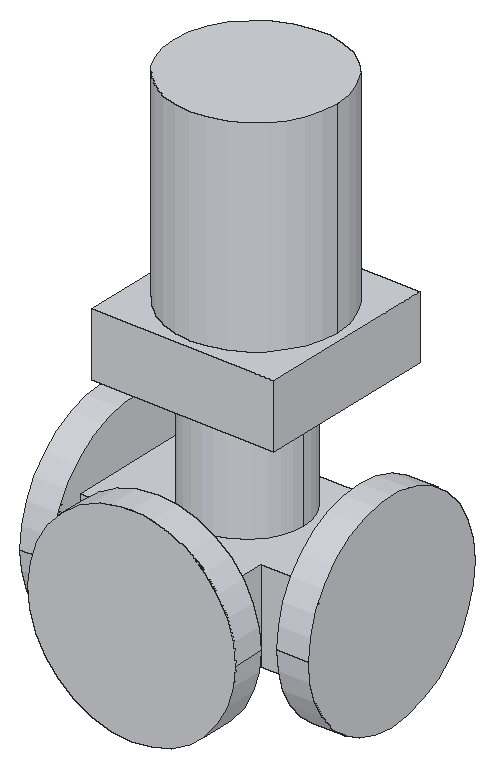
Revit family "1db26afc93204dc0adf173300e604f4b", category Pipe Accessories, Revit 2021
Family settings
  Round Connector Dimension = Use Radius
  Part Type = Valve - Breaks Into
  OmniClass Number = 23.65.55.14.17
  OmniClass Title = Adjusting/Controlling Valves for Liquid Services
  Seek Item ID = Motor Control Valve - 3 Way - 2-16 Inch-0000-USA-ENU
  Work Plane-Based = No
  Always vertical = Yes
  Cut with Voids When Loaded = No
  Shared = No
Parameters (values of type "2"")
  Width 2 = 0' - 4 17/32"
  Width 1 = 0' - 2 17/32"
  Valve Material = none
  Thickness 2 = 0' - 2"
  Thickness 1 = 0' - 2 7/8"
  Radius 2 = Diameter 2 * 0.5  # 0' - 1 49/64"
  Radius 1 = Diameter 1 * 0.5  # 0' - 2.57344"
  Plate Width = 0' - 5 23/32"
  Outside Width = 0' - 4 11/32"
  Nominal Radius = 1"
  Nominal Diameter = 2 * Nominal Radius  # 2"
  K Coefficient = 2.71
  Height 2 = 1' - 1 15/32"
  Height 1 = 0' - 5 1/32"
  Flange Radius = Flange Diameter * 0.5  # 0' - 3 33/128"
  Flange Diameter = 1.5 * Outside Width  # 0' - 6 33/64"
  Diameter 2 = Width 2 - 0' 1"  # 0' - 3 17/32"
  Diameter 1 = 0.9 * Plate Width  # 0' - 5.14687"
  Default Elevation = 0' - 0"
Types (10): name | Width 2 | Width 1 | Thickness 2 | Thickness 1 | Radius 2 | Radius 1 | Plate Width | Outside Width | Nominal Radius | Nominal Diameter | K Coefficient | Height 2 | Height 1 | Flange Radius | Flange Diameter | Diameter 2 | Diameter 1
  (no name) | 0' - 4 17/32" | 0' - 2 17/32" | 0' - 2" | 0' - 2 7/8" | 0' - 1 49/64" | 0' - 2.57344" | 0' - 5 23/32" | 0' - 4 11/32" | 1" | 2" | 2.71 | 1' - 1 15/32" | 0' - 5 1/32" | 0' - 3 33/128" | 0' - 6 33/64" | 0' - 3 17/32" | 0' - 5.14687"
  2" | 0' - 4 17/32" | 0' - 2 17/32" | 0' - 2" | 0' - 2 7/8" | 0' - 1 49/64" | 0' - 2.57344" | 0' - 5 23/32" | 0' - 4 11/32" | 1" | 2" | 2.71 | 1' - 1 15/32" | 0' - 5 1/32" | 0' - 3 33/128" | 0' - 6 33/64" | 0' - 3 17/32" | 0' - 5.14687"
  3" | 0' - 5 1/2" | 0' - 3 1/16" | 0' - 2 3/16" | 0' - 3 11/32" | 0' - 2 1/4" | 0' - 3.12188" | 0' - 6 15/16" | 0' - 5" | 1 1/2" | 3" | 2.71 | 1' - 2 3/8" | 0' - 5 7/16" | 0' - 3 3/4" | 0' - 7 1/2" | 0' - 4 1/2" | 0' - 6.24375"
  4" | 0' - 5 29/32" | 0' - 3 5/16" | 0' - 2 3/4" | 0' - 4" | 0' - 2 29/64" | 0' - 3.34688" | 0' - 7 7/16" | 0' - 6" | 2" | 4" | 2.71 | 1' - 6 11/32" | 0' - 6 27/32" | 0' - 4 1/2" | 0' - 9" | 0' - 4 29/32" | 0' - 6.69375"
  6" | 0' - 7 9/32" | 0' - 4 3/32" | 0' - 3 15/32" | 0' - 4 7/8" | 0' - 3 9/64" | 0' - 4.13438" | 0' - 9 3/16" | 0' - 7 11/32" | 3" | 6" | 2.77 | 1' - 11 7/16" | 0' - 8 11/16" | 0' - 5 65/128" | 0' - 11 1/64" | 0' - 6 9/32" | 0' - 8.26875"
  8" | 0' - 8 7/8" | 0' - 5 3/32" | 0' - 3 13/16" | 0' - 6" | 0' - 3 15/16" | 0' - 5.02031" | 0' - 11 5/32" | 0' - 9" | 4" | 8" | 2.76 | 2' - 1 1/8" | 0' - 9 9/16" | 0' - 6 3/4" | 1' - 1 1/2" | 0' - 7 7/8" | 0' - 10.04063"
  10" | 0' - 10 1/4" | 0' - 6" | 0' - 4 3/16" | 0' - 7 1/8" | 0' - 4 5/8" | 0' - 5.80781" | 1' - 0 29/32" | 0' - 10 21/32" | 5" | 10" | 2.75 | 2' - 2 27/32" | 0' - 10 7/16" | 0' - 7 127/128" | 1' - 3 63/64" | 0' - 9 1/4" | 0' - 11.61562"
  12" | 0' - 11 13/16" | 0' - 7 11/32" | 0' - 5 3/32" | 0' - 8 7/16" | 0' - 5 13/32" | 0' - 6.69375" | 1' - 2 7/8" | 1' - 0 21/32" | 6" | 12" | 2.75 | 2' - 8 13/16" | 1' - 0 11/16" | 0' - 9 63/128" | 1' - 6 63/64" | 0' - 10 13/16" | 1' - 1.3875"
  14" | 1' - 1 3/8" | 0' - 8" | 0' - 5 7/16" | 0' - 9 11/32" | 0' - 6 3/16" | 0' - 7 19/32" | 1' - 4 7/8" | 1' - 2" | 7" | 14" | 2.79 | 2' - 10 25/32" | 1' - 1 19/32" | 0' - 10 1/2" | 1' - 9" | 1' - 0 3/8" | 1' - 3 3/16"
  16" | 1' - 3 5/32" | 0' - 9 1/32" | 0' - 5 13/16" | 0' - 10 7/16" | 0' - 7 5/64" | 0' - 8.59219" | 1' - 7 3/32" | 1' - 2 21/32" | 8" | 16" | 4.76 | 3' - 0 11/16" | 1' - 2 17/32" | 0' - 10 127/128" | 1' - 9 63/64" | 1' - 2 5/32" | 1' - 5.18438"
Reference planes (in)
  plane 1 "Center (Front/Back)": y = 0
  plane 2: z = 0
  plane 3 "Center (Left/Right)": x = 0
  plane 4: x = -2.17187
  plane 5: x = 2.17188
  plane 6: x = -2.85937
  plane 7: x = 2.85938
  plane 8: x = -4.53125
  plane 9: x = 4.53125
  plane 10: x = -3.53125
  plane 11: x = 3.53125
  plane 12: y = -2.53125
  plane 13: y = 3.1875
  plane 14: y = -4.53125
  plane 15: y = -3.53125
  plane 16: z = 1.4375
  plane 17: z = -1.4375
  plane 18: z = 5.03125
  plane 19: z = 7.03125
  plane 20: z = 13.46875
  plane 21: y = -2.17188
  plane 22: y = 2.17187
  plane 23: y = 0.32812
  plane 24: through (0, 0, 48) normal (-0.866, -0.5, 0)
  plane 25: through (0, 0, 48) normal (-0.866, 0.5, 0)
Forms (in)
  Extrusion 1, solid, material <- "Valve Material", detail levels fine
    sketch origin (0, 0, 0) x (1, 0, 0) y (0, 1, 0)
      loop
        line (-3.53125, 2.17187) -> (-3.53125, -2.17188) -> (-2.17187, -2.17188) -> (-2.17187, -3.53125) -> (2.17188, -3.53125) -> (2.17188, -2.17188) -> (3.53125, -2.17188) -> (3.53125, 2.17187) -> (-3.53125, 2.17187)
    from -1.4375 to 1.4375
  Extrusion 2, solid, material <- "Valve Material", detail levels fine
    sketch origin (0, 0, 0) x (1, 0, 0) y (0, 1, 0)
      loop
        line (-2.85937, 3.1875) -> (-2.85937, -2.53125) -> (2.85938, -2.53125) -> (2.85938, 3.1875) -> (-2.85937, 3.1875)
    from 5.03125 to 7.03125
  Extrusion 3, solid, material <- "Valve Material", detail levels fine
    sketch origin (-8.42856, -180, 1.4375) x (-1, 0, 0) y (0, -1, 0)
      loop
        circle (-8.42856, -180) r 1.76562
    from 0 to 3.59375
  Extrusion 4, solid, material <- "Valve Material", detail levels fine
    sketch origin (-8.42856, -180, 7.03125) x (-1, 0, 0) y (0, -1, 0)
      loop
        circle (-8.42856, -180.32812) r 2.57344
    from 0 to 6.4375
  Extrusion 5, solid, material <- "Valve Material", detail levels fine
    sketch origin (-7.08083, -3.53125, 48) x (-1, 0, 0) y (0, 0, 1)
      loop
        circle (-7.08083, -48) r 3.25781
    from -1 to 0
  Extrusion 6, solid, material <- "Valve Material", detail levels fine
    sketch origin (-4.53125, -5.95032, 48) x (0, -1, 0) y (0, 0, 1)
      loop
        circle (-5.95032, -48) r 3.25781
    from -1 to 0
  Extrusion 7, solid, material <- "Valve Material", detail levels fine
    sketch origin (4.53125, -5.95032, 48) x (0, -1, 0) y (0, 0, -1)
      loop
        circle (-5.95032, 48) r 3.25781
    from -1 to 0
Cuts and joins
  joined: Extrusion 1, Extrusion 2, Extrusion 3, Extrusion 4, Extrusion 5, Extrusion 6, Extrusion 7
Lines and regions (in)
  model lines, detail levels coarse+medium
    curve 1: line (0, 0, 0) -> (-2.61612, -4.53125, 0)
    curve 2: line (0, 0, 0) -> (2.61612, -4.53125, 0)
    curve 3: line (-2.61612, -4.53125, 0) -> (2.61612, -4.53125, 0)
    curve 4: line (-2.61612, 4.53125, 0) -> (2.61612, 4.53125, 0)
    curve 5: arc (-2.61612, 4.53125, 0) -> (0, 5.84918, 0) -> (2.61612, 4.53125, 0) r 3.25548
    curve 6: line (0, 0, 0) -> (-4.53125, -2.61612, 0)
    curve 7: line (0, 0, 0) -> (-4.53125, 2.61612, 0)
    curve 8: line (-4.53125, 2.61612, 0) -> (-4.53125, -2.61612, 0)
    curve 9: line (0, 0, 0) -> (4.53125, -2.61612, 0)
    curve 10: line (0, 0, 0) -> (4.53125, 2.61612, 0)
    curve 11: line (4.53125, 2.61612, 0) -> (4.53125, -2.61612, 0)
    curve 12: line (0, 4.53125, 0) -> (0, 0, 0)
Dimensions and locks (in)
  equal spacing: plane 4, plane 3 "Center (Left/Right)", plane 5
  "Outside Width": plane 4 to plane 5
  equal spacing: plane 6, plane 3 "Center (Left/Right)", plane 7
  "Plate Width": plane 6 to plane 7
  "Width 2": plane 8 to plane 3 "Center (Left/Right)"
  "Width 2": plane 3 "Center (Left/Right)" to plane 9
  locked: plane 8 to plane 10 at 1
  locked: plane 11 to plane 9 at 1
  "Width 1": plane 1 "Center (Front/Back)" to plane 12
  "Plate Width": plane 13 to plane 12
  "Width 2": plane 14 to plane 1 "Center (Front/Back)"
  locked: plane 15 to plane 14 at 1
  equal spacing: plane 16, plane 2, plane 17
  "Thickness 1": plane 16 to plane 17
  "Height 1": plane 18 to plane 2
  "Thickness 2": plane 19 to plane 18
  "Height 2": plane 20 to plane 2
  equal spacing: plane 22, plane 1 "Center (Front/Back)", plane 21
  "Outside Width": plane 21 to plane 22
  equal spacing: plane 13, plane 23, plane 12
  "Radius 2": radius of Extrusion 3 sketch curve
  "Radius 1": radius of Extrusion 4 sketch curve
  "Flange Radius": radius of Extrusion 5 sketch curve
  "Flange Radius": radius of Extrusion 6 sketch curve
  "Flange Radius": radius of Extrusion 7 sketch curve
  locked: curve 1 to plane 3 "Center (Left/Right)" (angle 30.00°)
  locked: plane 3 "Center (Left/Right)" to curve 2 (angle 30.00°)
  locked: plane 3 "Center (Left/Right)" to plane 24 (angle 30.00°)
  locked: plane 25 to plane 3 "Center (Left/Right)" (angle 30.00°)
  locked: plane 1 "Center (Front/Back)" to curve 6 (angle 30.00°)
  locked: curve 7 to plane 1 "Center (Front/Back)" (angle 30.00°)
  locked: curve 9 to plane 1 "Center (Front/Back)" (angle 30.00°)
  locked: plane 1 "Center (Front/Back)" to curve 10 (angle 30.00°)
  aligned and locked: plane 22 to Extrusion 1 sketch curve
  aligned and locked: Extrusion 1 sketch curve to plane 11
  aligned and locked: Extrusion 1 sketch curve to plane 10
  aligned and locked: plane 21 to Extrusion 1 sketch curve  (x2)
  aligned and locked: Extrusion 1 sketch curve to plane 5
  aligned and locked: Extrusion 1 sketch curve to plane 4
  aligned and locked: plane 15 to Extrusion 1 sketch curve
  aligned and locked: plane 17 to Extrusion 1
  aligned and locked: plane 16 to Extrusion 1
  aligned and locked: plane 6 to Extrusion 2 sketch curve
  aligned and locked: Extrusion 2 sketch curve to plane 13
  aligned and locked: plane 12 to Extrusion 2 sketch curve
  aligned and locked: Extrusion 2 sketch curve to plane 7
  aligned and locked: Extrusion 2 to plane 18
  aligned and locked: plane 19 to Extrusion 2
  aligned and locked: plane 1 "Center (Front/Back)" to Extrusion 3 sketch curve
  aligned and locked: plane 3 "Center (Left/Right)" to Extrusion 3 sketch curve
  aligned and locked: plane 18 to Extrusion 3
  aligned and locked: plane 23 to Extrusion 4 sketch curve
  aligned and locked: plane 3 "Center (Left/Right)" to Extrusion 4 sketch curve
  aligned and locked: plane 20 to Extrusion 4
  aligned and locked: plane 2 to Extrusion 5 sketch curve
  aligned and locked: plane 3 "Center (Left/Right)" to Extrusion 5 sketch curve
  aligned and locked: plane 15 to Extrusion 5
  aligned and locked: Extrusion 5 to plane 14
  aligned and locked: plane 2 to Extrusion 6 sketch curve
  aligned and locked: plane 1 "Center (Front/Back)" to Extrusion 6 sketch curve
  aligned and locked: Extrusion 6 to plane 10
  aligned and locked: plane 8 to Extrusion 6
  aligned and locked: plane 1 "Center (Front/Back)" to Extrusion 7 sketch curve
  aligned and locked: plane 2 to Extrusion 7 sketch curve
  aligned and locked: Extrusion 7 to plane 11
  aligned and locked: plane 9 to Extrusion 7
  aligned and locked: curve 3 to plane 14
  aligned and locked: plane 8 to curve 6
  aligned and locked: plane 8 to curve 8
  aligned and locked: curve 11 to plane 9
  aligned and locked: curve 12 to plane 3 "Center (Left/Right)"
Automatic sketch dimensions
  curve 3 to plane 25 = 0' - 0"
  curve 5 to plane 24 = 0' - 0"
  curve 5 to plane 3 "Center (Left/Right)" = 0' - 0"
  curve 5 to plane 6 = 0' - 0.24326"
  curve 5 to plane 22 = 0' - 0.42182"
Connectors (in)
  piping at (-4.53125, 0, 0), diameter 2, driven by "Nominal Radius"
    settings: on Extrusion 6, index 1, connector inside diameter 2", connector length 0' - 0", flow factor 0, pipe flow 0 GPM, pressure drop 0.00 psi, fitting loss kfactor 0, connector angle 0.00°, fixture units 0, engagement length 0' - 0", angle of deflection 0.00°, flow configuration 0, flow direction 0, fitting loss method 2, system type 29, joint type 0, gender type 0, connector reference index 2, connector utility 0, adjustable connector no, is connector primary yes, connector description ""
  piping at (4.53125, 0, 0), diameter 2, driven by "Nominal Radius"
    settings: on Extrusion 7, index 2, connector inside diameter 2", connector length 0' - 0", flow factor 0, pipe flow 0 GPM, pressure drop 0.00 psi, fitting loss kfactor 0, connector angle 0.00°, fixture units 0, engagement length 0' - 0", angle of deflection 0.00°, flow configuration 0, flow direction 0, fitting loss method 2, system type 29, joint type 0, gender type 0, connector reference index 1, connector utility 0, adjustable connector no, is connector primary no, connector description ""
  piping at (0, -4.53125, 0), diameter 2, driven by "Nominal Radius", driven by "K Coefficient"
    settings: on Extrusion 5, index 3, connector inside diameter 2", connector length 0' - 0", flow factor 0, pipe flow 0 GPM, pressure drop 0.00 psi, fitting loss kfactor 2.71, connector angle 0.00°, fixture units 0, engagement length 0' - 0", angle of deflection 0.00°, flow configuration 0, flow direction 0, fitting loss method 2, system type 29, joint type 0, gender type 0, connector reference index -1, connector utility 0, adjustable connector no, is connector primary no, connector description ""
